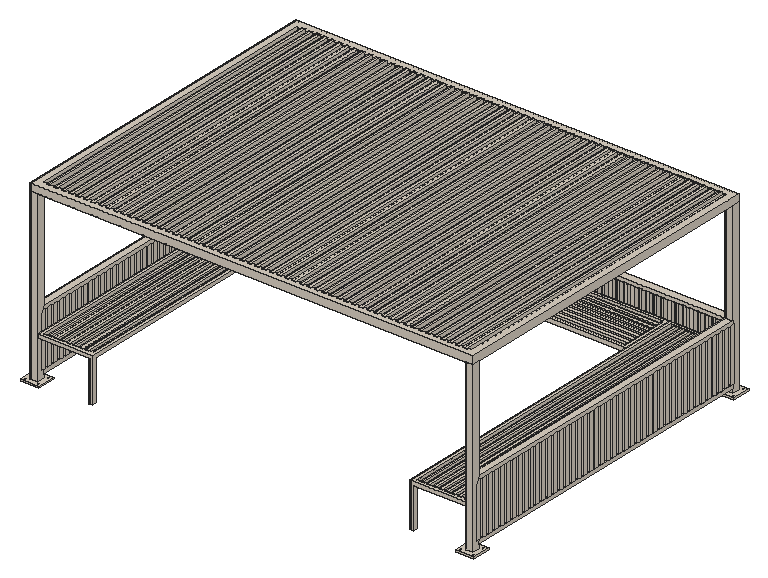
Revit family "Sun-Shades_SAVITUR_PalmSHIELD", category Generic Models, Revit 2026
Family settings
  Can host rebar = No
  Round Connector Dimension = Use Diameter
  Part Type = Normal
  Work Plane-Based = No
  Always vertical = Yes
  Cut with Voids When Loaded = No
  Maintain Annotation Orientation = No
  Shared = No
  Room Calculation Point = No
Parameters (values of type "ALUMINUM PURLINS 2" x 4"")
  Y2 [instance] = Length - 0' 8"  # 19' - 4"
  Y1 [instance] = Width - 0' 8" - (Purlins Spacing Desired * 2)  # 14' - 0"
  Z2 [instance] = Width - 0' 8" + 0' 1 1/16"  # 14' - 5 1/16"
  Z1 [instance] = Length - 0' 8" - (Purlins Spacing Desired * 2)  # 19' - 0"
  X3 [instance] = Length - 0' 8"  # 19' - 4"
  X2 [instance] = Length - 0' 4"  # 19' - 8"
  X1 [instance] = Width + 1' 6"  # 16' - 6"
  Wind & Privacy Add On Options_Vertical Aluminum Purlins [instance] = no
  Wind & Privacy Add On Options_Planter Trellis [instance] = no
  Wind & Privacy Add On Options_Laser Cut [instance] = no
  Wind & Privacy Add On Options_Horizontal Aluminum Purlins [instance] = no
  Wind & Privacy Add On Options [instance] = or(Wind & Privacy Add On Options_Laser Cut, Wind & Privacy Add On Options_Horizontal Aluminum Purlins, Wind & Privacy Add On Options_Planter Trellis, Wind & Privacy Add On Options_Vertical Aluminum Purlins)  # no
  Purlins Spacing Desired [instance] = 0' - 2"
  Length [instance] = 20' - 0"
  URL = "https://palmshieldlouvers.com/"
  Trellis Length [instance] = Length - 0' 8"  # 19' - 4"
  Trellis Height = 3' - 0"
  Standard Roof Options_Underhanging Beams [instance] = no
  Standard Roof Options_Overhanging Beams_Vertical [instance] = no
  Standard Roof Options_Inset to Beam_Vertical [instance] = yes
  Standard Roof Options_Inset to Beam_Horizontal [instance] = no
  Specification = "https://www.arcat.com/company/palmshield-53925/spec"
  Side Trellis Length [instance] = Width - 0' 8"  # 14' - 4"
  Planter Height = 1' - 6"
  Planter Depth = 1' - 6"
  Finish = "PalmSHIELD - Aluminum"
  Bench Option = yes
  Bench Length [instance] = Width - 0' 4"  # 14' - 8"
  Bench Depth [instance] = 2' - 6"
  Backside Railling [instance] = not(Wind & Privacy Add On Options)  # yes
  Backside Bench Length [instance] = Length - 0' 8" - (Bench Depth * 2)  # 14' - 4"
  Bachside Purlins Length [instance] = Length - 0' 8"  # 19' - 4"
  Purlin Width = 0' - 2"
  Purlin Height = 0' - 4"
  Product Page URL = "https://www.arcat.com/company/palmshield-53925"
  Material [instance] = PalmSHIELD - Alloy
  Manufacturer = "PalmSHIELD"  # constant formula
  Keynote = "06 87 00"
  Height [instance] = 8' - 0"
  Width [instance] = 15' - 0"
  Default Elevation = 0' - 0"
  Copyright = "©ARCAT"  # constant formula
  Column Height [instance] = Height - 0' 4"  # 7' - 8"
  Center to Center [instance] = Purlins Spacing Desired + Purlin Width  # 0' - 4"
  CAD Details = "https://www.arcat.com/company/palmshield-53925/cad"
  Backside Wall Purlins Height [instance] = Height - 0' 4"  # 7' - 8"
Reference planes (in)
  plane 1 "Center (Front/Back)": y = 0
  plane 2: z = 0
  plane 3 "Center (Left/Right)": x = 0
  plane 4: x = -120
  plane 5: x = 120
  plane 6: y = 90
  plane 7: y = -90
  plane 8: y = 86
  plane 9: x = -116
  plane 10: y = -86
  plane 11: x = 116
  plane 12: x = -118
  plane 13: y = 88
  plane 14: x = 118
  plane 15: y = -88
  plane 16: z = 96
  plane 17: y = 89.75
  plane 18: y = 86.25
  plane 19: z = 92
  plane 20: z = 92.25
  plane 21: z = 95.75
  plane 22: z = 3
  plane 23: z = 36
  plane 24: y = 90.75
  plane 25: y = 108
  plane 26: y = 107.25
  plane 27: x = -115.25
  plane 28: x = 115.25
  plane 29: z = 18
  plane 30: z = 0.75
Forms (in)
  Sweep 1, solid, material "PalmSHIELD - Alloy" <- "Material"
    path origin (0, 0, 0) x (1, 0, 0) y (0, 1, 0)
      loop
        line (-120, 90) -> (-120, -90) -> (120, -90) -> (120, 90) -> (-120, 90)
    profile origin (0, 90, 0) x (0, 1, 0) y (0, 0, 1)
      loop
        line (0, 96) -> (-4, 96) -> (-4, 92) -> (0, 92) -> (0, 96)
      loop
        line (-3.75, 92.25) -> (-0.25, 92.25) -> (-0.25, 95.75) -> (-3.75, 95.75) -> (-3.75, 92.25)
  Extrusion 2, solid, material "PalmSHIELD - Alloy" <- "Material", visible <- "Wind & Privacy Add On Options_Planter Trellis"
    sketch origin (0, 0, 0) x (1, 0, 0) y (0, 1, 0)
      loop
        line (-116, 90) -> (116, 90) -> (116, 108) -> (-116, 108) -> (-116, 90)
    from 0 to 0.75
  Extrusion 3, solid, material "PalmSHIELD - Alloy" <- "Material", visible <- "Wind & Privacy Add On Options_Planter Trellis"
    sketch origin (0, 0, 0) x (1, 0, 0) y (0, 1, 0)
      loop
        line (-115.25, 107.25) -> (-115.25, 90.75) -> (115.25, 90.75) -> (115.25, 107.25) -> (-115.25, 107.25)
      loop
        line (-116, 108) -> (-116, 90) -> (116, 90) -> (116, 108) -> (-116, 108)
    from 0.75 to 18
  Extrusion 4, solid, material "PalmSHIELD - Alloy" <- "Material", visible <- "Wind & Privacy Add On Options_Laser Cut"
    sketch origin (0, 0, 0) x (1, 0, 0) y (0, 1, 0)
      loop
        line (-116, 90) -> (-116, 89.75) -> (116, 89.75) -> (116, 90) -> (-116, 90)
    from 3 to 92
Dimensions and locks (in)
  equal spacing: plane 4, plane 3 "Center (Left/Right)", plane 5
  equal spacing: plane 6, plane 1 "Center (Front/Back)", plane 7
  "Length": plane 4 to plane 5
  "Width": plane 6 to plane 7
  plane 4 to plane 12 to plane 9 = 0' - 2" locked, 0' - 2" locked
  plane 11 to plane 14 to plane 5 = 0' - 2" locked, 0' - 2" locked
  plane 6 to plane 13 to plane 8 = 0' - 2" locked, 0' - 2" locked
  plane 10 to plane 15 to plane 7 = 0' - 2" locked, 0' - 2" locked
  "Height": plane 16 to level
  locked: plane 6 to plane 17 at 0.25
  locked: plane 8 to plane 18 at 0.25
  locked: plane 20 to plane 19 at 0.25
  locked: plane 16 to plane 21 at 0.25
  locked: plane 16 to plane 19 at 4
  locked: plane 22 to level at 3
  "Trellis Height": plane 23 to level
  nested 12 to nested 12 = 0' - 2"
  locked: plane 24 to plane 6 at 0.75
  locked: plane 25 to plane 26 at 0.75
  locked: plane 9 to plane 27 at 0.75
  locked: plane 28 to plane 11 at 0.75
  locked: plane 30 to level at 0.75
  "Planter Height": plane 29 to level
  "Planter Depth": plane 25 to plane 6
  plane 6 to plane 7 = 15' - 0"
  nested 14 to nested 14 = 0' - 2.03509"  (x2)
  aligned and locked: level to plane 2
  aligned and locked: nested 1 to plane 12
  aligned and locked: nested 1 to plane 13
  aligned and locked: level to nested 1  (x2)
  aligned and locked: nested 2 to level  (x2)
  aligned and locked: level to nested 3  (x2)
  aligned and locked: nested 4 to level  (x2)
  aligned and locked: nested 3 to plane 15
  aligned and locked: plane 12 to nested 3
  aligned and locked: plane 14 to nested 4
  aligned and locked: plane 15 to nested 4
  aligned and locked: nested 2 to plane 14
  aligned and locked: plane 13 to nested 2
  aligned and locked: Sweep 1 sketch curve to plane 6
  aligned and locked: Sweep 1 sketch curve to plane 4
  aligned and locked: Sweep 1 sketch curve to plane 7
  aligned and locked: Sweep 1 sketch curve to plane 5
  aligned and locked: Sweep 1 sketch curve to plane 16
  aligned and locked: plane 6 to Sweep 1 sketch curve
  aligned and locked: plane 8 to Sweep 1 sketch curve
  aligned and locked: Sweep 1 sketch curve to plane 19
  aligned and locked: Sweep 1 sketch curve to plane 18
  aligned and locked: Sweep 1 sketch curve to plane 21
  aligned and locked: plane 17 to Sweep 1 sketch curve
  aligned and locked: Sweep 1 sketch curve to plane 20
  aligned and locked: plane 3 "Center (Left/Right)" to nested 5
  aligned and locked: nested 5 to plane 1 "Center (Front/Back)"
  aligned and locked: nested 6 to plane 3 "Center (Left/Right)"
  aligned and locked: plane 1 "Center (Front/Back)" to nested 6
  aligned and locked: nested 7 to plane 3 "Center (Left/Right)"
  aligned and locked: nested 7 to plane 1 "Center (Front/Back)"
  aligned and locked: plane 3 "Center (Left/Right)" to nested 8
  aligned and locked: nested 8 to plane 13
  aligned and locked: nested 8 to plane 22
  aligned and locked: plane 1 "Center (Front/Back)" to nested 9
  aligned and locked: nested 9 to plane 12
  aligned and locked: nested 9 to plane 22
  aligned and locked: plane 1 "Center (Front/Back)" to nested 10
  aligned and locked: plane 22 to nested 10
  aligned and locked: nested 10 to plane 14
  aligned and locked: plane 3 "Center (Left/Right)" to nested 11
  aligned and locked: nested 11 to plane 22
  aligned and locked: nested 11 to plane 13
  aligned and locked: plane 3 "Center (Left/Right)" to nested 12
  aligned and locked: nested 12 to plane 22  (x2)
  aligned and locked: nested 12 to plane 13
  aligned and locked: nested 13 to plane 22
  aligned and locked: nested 13 to plane 13
  aligned and locked: Extrusion 2 sketch curve to plane 6
  aligned and locked: Extrusion 2 sketch curve to plane 9
  aligned and locked: Extrusion 2 sketch curve to plane 25
  aligned and locked: Extrusion 2 sketch curve to plane 11
  aligned and locked: Extrusion 3 sketch curve to plane 26
  aligned and locked: Extrusion 3 sketch curve to plane 25
  aligned and locked: Extrusion 3 sketch curve to plane 9
  aligned and locked: Extrusion 3 sketch curve to plane 27
  aligned and locked: Extrusion 3 sketch curve to plane 11
  aligned and locked: Extrusion 3 sketch curve to plane 28
  aligned and locked: Extrusion 3 sketch curve to plane 6
  aligned and locked: Extrusion 3 sketch curve to plane 24
  aligned and locked: Extrusion 2 to level
  aligned and locked: nested 1 to Extrusion 2
  aligned and locked: plane 30 to Extrusion 2
  aligned and locked: level to Extrusion 2  (x2)
  aligned and locked: Extrusion 3 to plane 30
  aligned and locked: plane 29 to Extrusion 3
  aligned and locked: plane 30 to Extrusion 3  (x2)
  aligned and locked: Extrusion 4 sketch curve to plane 9
  aligned and locked: Extrusion 4 sketch curve to plane 6
  aligned and locked: Extrusion 4 sketch curve to plane 17
  aligned and locked: Extrusion 4 sketch curve to plane 11
  aligned and locked: Extrusion 4 to plane 22
  aligned and locked: plane 19 to Extrusion 4
  aligned and locked: nested 14 to plane 3 "Center (Left/Right)"
  aligned and locked: nested 14 to plane 1 "Center (Front/Back)"
  aligned and locked: nested 15 to plane 9
  aligned and locked: nested 15 to plane 7
  aligned and locked: nested 16 to plane 7
  aligned and locked: nested 16 to plane 11
  aligned and locked: plane 3 "Center (Left/Right)" to nested 17
  aligned and locked: nested 17 to plane 8
  aligned and locked: nested 15 to plane 2
  aligned and locked: nested 17 to plane 2
  aligned and locked: nested 16 to plane 2
Nested families (in)
  nested 1: "STEEL SQ TUBE 4 X 4 X 0.25 CAPPED ASTM A500 GR.B" at (-118, 88, 0), type "STEEL SQ TUBE 4 X 4 X 0.25 CAPPED ASTM A500 GR.B"
  nested 2: "STEEL SQ TUBE 4 X 4 X 0.25 CAPPED ASTM A500 GR.B" at (118, 88, 0), type "STEEL SQ TUBE 4 X 4 X 0.25 CAPPED ASTM A500 GR.B"
  nested 3: "STEEL SQ TUBE 4 X 4 X 0.25 CAPPED ASTM A500 GR.B" at (-118, -88, 0), type "STEEL SQ TUBE 4 X 4 X 0.25 CAPPED ASTM A500 GR.B"
  nested 4: "STEEL SQ TUBE 4 X 4 X 0.25 CAPPED ASTM A500 GR.B" at (118, -88, 0), type "STEEL SQ TUBE 4 X 4 X 0.25 CAPPED ASTM A500 GR.B"
  nested 5: "Family1" at (0, -99, 96), visible <- "Standard Roof Options_Overhanging Beams_Vertical", Purlin Spacing Desired <- "Purlins Spacing Desired", type "Overhanging Beams"
    with Purlin Spacing Desired 0' - 2", Purlin Spacing Calculated 0' - 2.03448", No of Horizontal Purlin 59, Center of Center 0' - 4.03448"
  nested 6: "Family1" at (0, -86.53125, 96), visible <- "Standard Roof Options_Inset to Beam_Vertical", Purlin Spacing Desired <- "Purlins Spacing Desired", type "Inset to Beam_Vertical"
    with Purlin Spacing Desired 0' - 2", Purlin Spacing Calculated 0' - 2.03571", No of Horizontal Purlin 57, Center of Center 0' - 4.03571"
  nested 7: "Family1" at (116, 0, 96) x (0, 1, 0) z (0, 0, 1), visible <- "Standard Roof Options_Inset to Beam_Horizontal", Purlin Spacing Desired <- "Purlins Spacing Desired", type "Inset to Beam"
    with Purlin Spacing Desired 0' - 2", Purlin Spacing Calculated 0' - 2.04878", No of Horizontal Purlin 42, Center of Center 0' - 4.04878"
  nested 8: "Trellis" at (0, 88, 0), visible <- "Backside Railling", type "Trellis"
    with Wind & Privacy Ad On Options_Planter Trellis no, Wind & Privacy AD on Option - Vertical Privacy Aluminum Slats yes, Wall Purlins Height 2' - 5", Redius_2 12' - 0"
  nested 9: "Trellis" at (-118, 0, 0) x (0, 1, 0) z (0, 0, 1), type "Trellis @Side"
    with Wind & Privacy Ad On Options_Planter Trellis no, Wind & Privacy AD on Option - Vertical Privacy Aluminum Slats yes, Wall Purlins Height 2' - 5", Redius_2 12' - 0"
  nested 10: "Trellis" at (118, 0, 0) x (0, -1, 0) z (0, 0, 1), type "Trellis @Side"
    with Wind & Privacy Ad On Options_Planter Trellis no, Wind & Privacy AD on Option - Vertical Privacy Aluminum Slats yes, Wall Purlins Height 2' - 5", Redius_2 12' - 0"
  nested 11: "BackSide Vertical Purlins" at (0, 88, 0), visible <- "Wind & Privacy Add On Options_Vertical Aluminum Purlins", type "Trellis"
    with Wind & Privacy Ad On Options_Planter Trellis no, Wind & Privacy AD on Option - Vertical Privacy Aluminum Slats yes, Wall Purlins Height_1 7' - 3", Redius_2 12' - 0"
  nested 12: "BackSide Horizontal Purlins" at (0, 88, 0), visible <- "Wind & Privacy Add On Options_Horizontal Aluminum Purlins", type "Trellis"
    with Wall Purlins Height_1 7' - 3", Redius_2 12' - 0"
  nested 13: "Trellis" at (0, 88, 0), visible <- "Wind & Privacy Add On Options_Planter Trellis", type "Trellis"
    with Wind & Privacy Ad On Options_Planter Trellis no, Wind & Privacy AD on Option - Vertical Privacy Aluminum Slats yes, Wall Purlins Height 2' - 5", Redius_2 12' - 0"
  nested 14: "Family1" at (0, -99, 92) x (-1, 0, 0) z (0, 0, -1), visible <- "Standard Roof Options_Underhanging Beams", Purlin Spacing Desired <- "Purlins Spacing Desired", type "Underhanging Beams"
    with Purlin Spacing Desired 0' - 2", Purlin Spacing Calculated 0' - 2.03509", No of Horizontal Purlin 58, Center of Center 0' - 4.03509"
  nested 15: "Bench" at (-116, -2, 0) x (0, 1, 0) z (0, 0, 1), visible <- "Bench Option", type "Bench"
  nested 16: "Bench" at (116, -2, 0) x (0, 1, 0) z (0, 0, 1), visible <- "Bench Option", type "Bench"
  nested 17: "Bench" at (0, 86, 0), visible <- "Bench Option", type "Bench 2"
Definition of nested family "STEEL SQ TUBE 4 X 4 X 0.25 CAPPED ASTM A500 GR.B"
  Parameters (values of type "STEEL SQ TUBE 4 X 4 X 0.25 CAPPED ASTM A500 GR.B")
    WIDTH = 0' - 4"
    STEEL = none
    HEIGHT = 10' - 0"
    Default Elevation = 0' - 0"
    DEPTH = 0' - 4"
    BASE PLATE WIDTH = 0' - 10"
    BASE PLATE THICKNESS = 0' - 0 3/4"
    BASE PLATE DEPTH = 0' - 10"
  Reference planes (in)
    plane 1 "Center (Front/Back)": y = 0
    plane 2: z = 0
    plane 3 "Center (Left/Right)": x = 0
    plane 4: y = 2
    plane 5: y = -2
    plane 6: x = -2
    plane 7: x = 2
    plane 8: x = -1.75
    plane 9: x = 1.75
    plane 10: y = 1.75
    plane 11: y = -1.75
    plane 12: z = 120
    plane 13: x = -5
    plane 14: x = 5
    plane 15: y = 5
    plane 16: y = -5
    plane 17: z = 0.75
    plane 18: y = 3.5
    plane 19: y = -3.5
    plane 20: x = -3.5
    plane 21: x = 3.5
    plane 22: z = 119.75
  Forms (in)
    Extrusion 1, solid, material <- "STEEL"
      sketch origin (0, 0, 0) x (1, 0, 0) y (0, 1, 0)
        loop
          line (-2, 2) -> (-2, -2) -> (2, -2) -> (2, 2) -> (-2, 2)
        loop
          line (-1.75, 1.75) -> (-1.75, -1.75) -> (1.75, -1.75) -> (1.75, 1.75) -> (-1.75, 1.75)
      from 0.75 to 120
    Extrusion 2, solid, material <- "STEEL"
      sketch origin (0, 0, 0) x (1, 0, 0) y (0, 1, 0)
        loop
          line (-5, 5) -> (-5, -5) -> (5, -5) -> (5, 5) -> (-5, 5)
      from 0 to 0.75
    Extrusion 3, void
      sketch origin (0, 0, 0) x (1, 0, 0) y (0, 1, 0)
        loop
          circle (-3.5, 3.5) r 0.25
        loop
          circle (-3.5, -3.5) r 0.25
        loop
          circle (3.5, 3.5) r 0.25
        loop
          circle (3.5, -3.5) r 0.25
      from 0 to 0.75
    Extrusion 4, solid, material <- "STEEL"
      sketch origin (0, 0, 0) x (1, 0, 0) y (0, 1, 0)
        loop
          line (-1.75, 1.75) -> (-1.75, -1.75) -> (1.75, -1.75) -> (1.75, 1.75) -> (-1.75, 1.75)
      from 119.75 to 120
  Cuts and joins
    Extrusion 3 cuts Extrusion 2
    joined: Extrusion 1, Extrusion 4
  Dimensions and locks (in)
    equal spacing: plane 6, plane 3 "Center (Left/Right)", plane 7
    equal spacing: plane 4, plane 1 "Center (Front/Back)", plane 5
    "WIDTH": plane 6 to plane 7
    "DEPTH": plane 4 to plane 5
    locked: plane 4 to plane 10 at 0.25
    locked: plane 6 to plane 8 at 0.25
    locked: plane 9 to plane 7 at 0.25
    locked: plane 11 to plane 5 at 0.25
    "HEIGHT": plane 12 to level
    equal spacing: plane 15, plane 1 "Center (Front/Back)", plane 16
    equal spacing: plane 13, plane 3 "Center (Left/Right)", plane 14
    "BASE PLATE WIDTH": plane 13 to plane 14
    "BASE PLATE DEPTH": plane 15 to plane 16
    "BASE PLATE THICKNESS": plane 17 to plane 2
    equal spacing: plane 15, plane 18, plane 4, locked at 1.5 each
    equal spacing: plane 16, plane 19, plane 5, locked at 1.5 each
    equal spacing: plane 13, plane 20, plane 6, locked at 1.5 each
    equal spacing: plane 14, plane 21, plane 7, locked at 1.5 each
    locked: plane 12 to plane 22 at 0.25
    aligned and locked: plane 2 to level
    aligned and locked: Extrusion 1 sketch curve to plane 4
    aligned and locked: Extrusion 1 sketch curve to plane 10
    aligned and locked: Extrusion 1 sketch curve to plane 8
    aligned and locked: Extrusion 1 sketch curve to plane 6
    aligned and locked: plane 11 to Extrusion 1 sketch curve
    aligned and locked: Extrusion 1 sketch curve to plane 5
    aligned and locked: Extrusion 1 sketch curve to plane 7
    aligned and locked: plane 9 to Extrusion 1 sketch curve
    aligned and locked: plane 12 to Extrusion 1
    aligned and locked: Extrusion 2 sketch curve to plane 13
    aligned and locked: Extrusion 2 sketch curve to plane 15
    aligned and locked: Extrusion 2 sketch curve to plane 16
    aligned and locked: Extrusion 2 sketch curve to plane 14
    aligned and locked: Extrusion 2 to plane 2
    aligned and locked: plane 17 to Extrusion 2
    aligned and locked: Extrusion 1 to plane 17
    aligned and locked: plane 20 to Extrusion 3 sketch curve  (x2)
    aligned and locked: plane 18 to Extrusion 3 sketch curve  (x2)
    aligned and locked: plane 19 to Extrusion 3 sketch curve  (x2)
    aligned and locked: plane 21 to Extrusion 3 sketch curve  (x2)
    aligned and locked: Extrusion 3 to level
    aligned and locked: plane 17 to Extrusion 3
    aligned and locked: Extrusion 4 sketch curve to Extrusion 1  (x4)
    aligned and locked: Extrusion 4 to plane 22
    aligned and locked: plane 12 to Extrusion 4
  Automatic sketch dimensions
    radius of Extrusion 3 sketch curve = 0' - 0 1/4"  (x4)
Definition of nested family "Family1"
  Parameters (values of type "Inset to Beam")
    Up = no
    Purlin Width Half = Purlin Width / 2  # 0' - 1"
    Purlin Width = 0' - 2"
    Purlin Spacing Desired [instance] = 0' - 2"
    Purlin Spacing Calculated [instance] = (L - (No of Horizontal Purlin * Purlin Width)) / (No of Horizontal Purlin - 1)  # 0' - 2.04762"
    Purlin Length = 19' - 4"
    Purlin Height = 0' - 3"
    No of Horizontal Purlin [instance] = (L / (Purlin Width + Purlin Spacing Desired))  # 43
    Material = none
    L = 14' - 4"
    Down = yes
    Default Elevation = 4' - 0"
    Center of Center [instance] = Purlin Width + Purlin Spacing Calculated  # 0' - 4.04762"
  Types (4): name | Up | Purlin Spacing Desired | Purlin Spacing Calculated | Purlin Length | No of Horizontal Purlin | L | Down | Center of Center
    Overhanging Beams | yes | 0' - 0" | 0' - 0" | 16' - 6" | 118 | 19' - 8" | no | 0' - 2"
    Inset to Beam | no | 0' - 2" | 0' - 2.04762" | 19' - 4" | 43 | 14' - 4" | yes | 0' - 4.04762"
    Inset to Beam_Vertical | no | 0' - 0" | 0' - 0" | 14' - 5 1/16" | 114 | 19' - 0" | yes | 0' - 2"
    Underhanging Beams | yes | 0' - 0" | 0' - 0" | 16' - 6" | 116 | 19' - 4" | no | 0' - 2"
  Reference planes (in)
    plane 1 "Center (Front/Back)": y = 0
    plane 2: z = 0
    plane 3 "Center (Left/Right)": x = 0
    plane 4: y = 232
    plane 5: x = -86
    plane 6: x = 86
    plane 7: x = -85
    plane 8: x = -80.95238
    plane 9: y = 116
  Forms (in)
    Extrusion 1, solid
      sketch origin (0, 0, 0) x (1, 0, 0) y (0, 1, 0)
        loop
          line (-48, 48) -> (-48, -48) -> (48, -48) -> (48, 48) -> (-48, 48)
      from 0 to -12
  Dimensions and locks (in)
    "Purlin Length": plane 4 to plane 1 "Center (Front/Back)"
    "L": plane 5 to plane 6
    equal spacing: plane 5, plane 3 "Center (Left/Right)", plane 6
    "Center of Center": plane 7 to plane 8
    equal spacing: group 1, group 2, group 3, group 4, group 5, group 6, group 7, group 8, group 9, group 10, group 11, group 12, group 13, group 14, group 15, group 16, group 17, group 18, group 19, group 20, group 21, group 22, group 23, group 24, group 25, group 26, group 27, group 28, group 29, group 30, group 31, group 32, group 33, group 34, group 35, group 36, group 37, group 38, group 39, group 40, group 41, group 42, group 43  (x3)
    equal spacing: plane 1 "Center (Front/Back)", plane 9, plane 4
    "Purlin Width Half": plane 5 to plane 7
    aligned and locked: plane 2 to Extrusion 1
    aligned and locked: level to Extrusion 1
    aligned and locked: nested 1 to plane 7
    aligned and locked: plane 8 to nested 2
  Automatic sketch dimensions
    Extrusion 1 sketch curve to Extrusion 1 sketch curve = 8' - 0"  (x2)
  Nested families (in)
    nested 1: "Family2" at (-85, 0, 0) x (-1, 0, 0) z (0, 0, 1), type "Up"
    nested 2: "Family2" at (-80.95238, 0, 0) x (-1, 0, 0) z (0, 0, 1), type "Up"
    nested 3: "Family2" at (-76.90476, 0, 0) x (-1, 0, 0) z (0, 0, 1), type "Up"
    nested 4: "Family2" at (-72.85714, 0, 0) x (-1, 0, 0) z (0, 0, 1), type "Up"
    nested 5: "Family2" at (-68.80952, 0, 0) x (-1, 0, 0) z (0, 0, 1), type "Up"
    nested 6: "Family2" at (-64.7619, 0, 0) x (-1, 0, 0) z (0, 0, 1), type "Up"
    nested 7: "Family2" at (-60.71429, 0, 0) x (-1, 0, 0) z (0, 0, 1), type "Up"
    nested 8: "Family2" at (-56.66667, 0, 0) x (-1, 0, 0) z (0, 0, 1), type "Up"
    nested 9: "Family2" at (-52.61905, 0, 0) x (-1, 0, 0) z (0, 0, 1), type "Up"
    nested 10: "Family2" at (-48.57143, 0, 0) x (-1, 0, 0) z (0, 0, 1), type "Up"
    nested 11: "Family2" at (-44.52381, 0, 0) x (-1, 0, 0) z (0, 0, 1), type "Up"
    nested 12: "Family2" at (-40.47619, 0, 0) x (-1, 0, 0) z (0, 0, 1), type "Up"
    nested 13: "Family2" at (-36.42857, 0, 0) x (-1, 0, 0) z (0, 0, 1), type "Up"
    nested 14: "Family2" at (-32.38095, 0, 0) x (-1, 0, 0) z (0, 0, 1), type "Up"
    nested 15: "Family2" at (-28.33333, 0, 0) x (-1, 0, 0) z (0, 0, 1), type "Up"
    nested 16: "Family2" at (-24.28571, 0, 0) x (-1, 0, 0) z (0, 0, 1), type "Up"
    nested 17: "Family2" at (-20.2381, 0, 0) x (-1, 0, 0) z (0, 0, 1), type "Up"
    nested 18: "Family2" at (-16.19048, 0, 0) x (-1, 0, 0) z (0, 0, 1), type "Up"
    nested 19: "Family2" at (-12.14286, 0, 0) x (-1, 0, 0) z (0, 0, 1), type "Up"
    nested 20: "Family2" at (-8.09524, 0, 0) x (-1, 0, 0) z (0, 0, 1), type "Up"
    nested 21: "Family2" at (-4.04762, 0, 0) x (-1, 0, 0) z (0, 0, 1), type "Up"
    nested 22: "Family2" at (0, 0, 0) x (-1, 0, 0) z (0, 0, 1), type "Up"
    nested 23: "Family2" at (4.04762, 0, 0) x (-1, 0, 0) z (0, 0, 1), type "Up"
    nested 24: "Family2" at (8.09524, 0, 0) x (-1, 0, 0) z (0, 0, 1), type "Up"
    nested 25: "Family2" at (12.14286, 0, 0) x (-1, 0, 0) z (0, 0, 1), type "Up"
    nested 26: "Family2" at (16.19048, 0, 0) x (-1, 0, 0) z (0, 0, 1), type "Up"
    nested 27: "Family2" at (20.2381, 0, 0) x (-1, 0, 0) z (0, 0, 1), type "Up"
    nested 28: "Family2" at (24.28571, 0, 0) x (-1, 0, 0) z (0, 0, 1), type "Up"
    nested 29: "Family2" at (28.33333, 0, 0) x (-1, 0, 0) z (0, 0, 1), type "Up"
    nested 30: "Family2" at (32.38095, 0, 0) x (-1, 0, 0) z (0, 0, 1), type "Up"
    nested 31: "Family2" at (36.42857, 0, 0) x (-1, 0, 0) z (0, 0, 1), type "Up"
    nested 32: "Family2" at (40.47619, 0, 0) x (-1, 0, 0) z (0, 0, 1), type "Up"
    nested 33: "Family2" at (44.52381, 0, 0) x (-1, 0, 0) z (0, 0, 1), type "Up"
    nested 34: "Family2" at (48.57143, 0, 0) x (-1, 0, 0) z (0, 0, 1), type "Up"
    nested 35: "Family2" at (52.61905, 0, 0) x (-1, 0, 0) z (0, 0, 1), type "Up"
    nested 36: "Family2" at (56.66667, 0, 0) x (-1, 0, 0) z (0, 0, 1), type "Up"
    nested 37: "Family2" at (60.71429, 0, 0) x (-1, 0, 0) z (0, 0, 1), type "Up"
    nested 38: "Family2" at (64.7619, 0, 0) x (-1, 0, 0) z (0, 0, 1), type "Up"
    nested 39: "Family2" at (68.80952, 0, 0) x (-1, 0, 0) z (0, 0, 1), type "Up"
    nested 40: "Family2" at (72.85714, 0, 0) x (-1, 0, 0) z (0, 0, 1), type "Up"
    nested 41: "Family2" at (76.90476, 0, 0) x (-1, 0, 0) z (0, 0, 1), type "Up"
    nested 42: "Family2" at (80.95238, 0, 0) x (-1, 0, 0) z (0, 0, 1), type "Up"
    nested 43: "Family2" at (85, 0, 0) x (-1, 0, 0) z (0, 0, 1), type "Up"
  Definition of nested family "Family2"
    Parameters (values of type "Down")
      Up = yes
      Purlin Length = 2' - 8.61991"
      Purlin Height = 0' - 3"
      Parlin Width = 0' - 2"
      Material = none
      Down = no
      Default Elevation = 0' - 0"
    Types (3): name | Up | Purlin Length | Purlin Height | Down
      Up | no | 19' - 4" | 0' - 2" | yes
      Down | yes | 2' - 8.61991" | 0' - 3" | no
      Family2 | no | 19' - 4" | 0' - 2" | no
    Reference planes (in)
      plane 1 "Center (Front/Back)": y = 0
      plane 2: z = 0
      plane 3 "Center (Left/Right)": x = 0
      plane 4: z = 3
      plane 5: x = -1
      plane 6: x = 1
      plane 7: z = -3
      plane 8: z = 2.875
      plane 9: z = -2.875
      plane 10: x = 0.875
      plane 11: x = -0.875
      plane 12: z = 0.125
      plane 13: z = -0.125
      plane 14: y = 32.61991
      plane 15: y = 0.125
      plane 16: y = 32.49491
    Forms (in)
      Extrusion 1, solid, material <- "Material", visible <- "Up"
        sketch origin (0, 0, 0) x (1, 0, 0) y (0, 0, 1)
          loop
            line (1, 3) -> (-1, 3) -> (-1, 0) -> (1, 0) -> (1, 3)
          loop
            line (-0.875, 2.875) -> (-0.875, 0.125) -> (0.875, 0.125) -> (0.875, 2.875) -> (-0.875, 2.875)
        from -32.61991 to 0
      Extrusion 2, solid, material <- "Material", visible <- "Down"
        sketch origin (0, 0, 0) x (1, 0, 0) y (0, 0, 1)
          loop
            line (-1, 0) -> (-1, -3) -> (1, -3) -> (1, 0) -> (-1, 0)
          loop
            line (0.875, -2.875) -> (0.875, -0.125) -> (-0.875, -0.125) -> (-0.875, -2.875) -> (0.875, -2.875)
        from 0 to -32.61991
      Extrusion 3, solid, material <- "Material", visible <- "Up"
        sketch origin (0, 0, 0) x (1, 0, 0) y (0, 0, 1)
          loop
            line (0.875, 2.875) -> (-0.875, 2.875) -> (-0.875, 0.125) -> (0.875, 0.125) -> (0.875, 2.875)
        from -0.125 to 0
      Extrusion 4, solid, material <- "Material", visible <- "Up"
        sketch origin (0, 0, 0) x (1, 0, 0) y (0, 0, 1)
          loop
            line (0.875, 2.875) -> (-0.875, 2.875) -> (-0.875, 0.125) -> (0.875, 0.125) -> (0.875, 2.875)
        from -32.61991 to -32.49491
      Extrusion 5, solid, material <- "Material", visible <- "Down"
        sketch origin (0, 0, 0) x (1, 0, 0) y (0, 0, 1)
          loop
            line (-0.875, -0.125) -> (-0.875, -2.875) -> (0.875, -2.875) -> (0.875, -0.125) -> (-0.875, -0.125)
        from -0.125 to 0
      Extrusion 6, solid, material <- "Material", visible <- "Down"
        sketch origin (0, 0, 0) x (1, 0, 0) y (0, 0, 1)
          loop
            line (-0.875, -0.125) -> (-0.875, -2.875) -> (0.875, -2.875) -> (0.875, -0.125) -> (-0.875, -0.125)
        from -32.61991 to -32.49491
    Cuts and joins
      joined: Extrusion 1, Extrusion 3, Extrusion 4
      joined: Extrusion 2, Extrusion 5, Extrusion 6
    Dimensions and locks (in)
      "Purlin Height": plane 4 to level
      equal spacing: plane 6, plane 3 "Center (Left/Right)", plane 5
      "Parlin Width": plane 5 to plane 6
      "Purlin Height": plane 2 to plane 7
      locked: plane 4 to plane 8 at 0.125
      locked: plane 9 to plane 7 at 0.125
      locked: plane 11 to plane 5 at 0.125
      locked: plane 10 to plane 6 at 0.125
      locked: plane 12 to plane 2 at 0.125
      locked: plane 13 to plane 2 at 0.125
      "Purlin Length": plane 14 to plane 1 "Center (Front/Back)"
      locked: plane 1 "Center (Front/Back)" to plane 15 at 0.125
      locked: plane 14 to plane 16 at 0.125
      aligned and locked: plane 2 to level
      aligned and locked: Extrusion 1 sketch curve to plane 4
      aligned and locked: Extrusion 1 sketch curve to plane 5
      aligned and locked: plane 6 to Extrusion 1 sketch curve
      aligned and locked: Extrusion 1 sketch curve to level
      aligned and locked: Extrusion 1 sketch curve to plane 11
      aligned and locked: Extrusion 1 sketch curve to plane 8
      aligned and locked: plane 10 to Extrusion 1 sketch curve
      aligned and locked: Extrusion 1 sketch curve to plane 12
      aligned and locked: plane 1 "Center (Front/Back)" to Extrusion 1
      aligned and locked: plane 14 to Extrusion 1
      aligned and locked: Extrusion 2 sketch curve to level
      aligned and locked: Extrusion 2 sketch curve to plane 5
      aligned and locked: plane 6 to Extrusion 2 sketch curve
      aligned and locked: plane 7 to Extrusion 2 sketch curve
      aligned and locked: plane 9 to Extrusion 2 sketch curve
      aligned and locked: plane 10 to Extrusion 2 sketch curve
      aligned and locked: Extrusion 2 sketch curve to plane 11
      aligned and locked: plane 13 to Extrusion 2 sketch curve
      aligned and locked: plane 14 to Extrusion 2
      aligned and locked: plane 1 "Center (Front/Back)" to Extrusion 2
      aligned and locked: Extrusion 1 to plane 1 "Center (Front/Back)"  (x2)
      aligned and locked: Extrusion 1 to plane 14
      aligned and locked: Extrusion 3 sketch curve to plane 8
      aligned and locked: Extrusion 3 sketch curve to plane 12
      aligned and locked: Extrusion 3 sketch curve to plane 11
      aligned and locked: plane 10 to Extrusion 3 sketch curve
      aligned and locked: plane 15 to Extrusion 3
      aligned and locked: plane 1 "Center (Front/Back)" to Extrusion 3
      aligned and locked: Extrusion 4 sketch curve to plane 8
      aligned and locked: Extrusion 4 sketch curve to plane 11
      aligned and locked: plane 10 to Extrusion 4 sketch curve
      aligned and locked: Extrusion 4 sketch curve to plane 12
      aligned and locked: plane 14 to Extrusion 4
      aligned and locked: Extrusion 4 to plane 16
      aligned and locked: plane 13 to Extrusion 5 sketch curve
      aligned and locked: plane 9 to Extrusion 5 sketch curve
      aligned and locked: Extrusion 5 sketch curve to plane 11
      aligned and locked: plane 10 to Extrusion 5 sketch curve
      aligned and locked: plane 1 "Center (Front/Back)" to Extrusion 5
      aligned and locked: plane 15 to Extrusion 5
      aligned and locked: plane 13 to Extrusion 6 sketch curve
      aligned and locked: plane 9 to Extrusion 6 sketch curve
      aligned and locked: Extrusion 6 sketch curve to plane 11
      aligned and locked: plane 10 to Extrusion 6 sketch curve
      aligned and locked: plane 14 to Extrusion 6
      aligned and locked: Extrusion 6 to plane 16
Definition of nested family "Trellis"
  Parameters (values of type "Trellis")
    Wind & Privacy Ad On Options_Planter Trellis [instance] = no
    Wind & Privacy AD on Option - Vertical Privacy Aluminum Slats [instance] = yes
    Wall Vertical Purlins = 12' - 0"
    Wall Purlins Height [instance] = Trellis Height - 0' 7"  # 2' - 5"
    Trellis Length = 9' - 4"
    Trellis Height = 3' - 0"
    Redius_2 [instance] = 12' - 0"
    Purlins Width = 0' - 3"
    No Of Trellis Purlins = (Trellis Length / Center to Center) / 2  # 11
    Material = none
    Default Elevation = 0' - 0"
    Center to Center = 0' - 5"
  Types (2): name
    Trellis
    Trellis @Side
  Reference planes (in)
    plane 1 "Center (Front/Back)": y = 0
    plane 2: z = 0
    plane 3 "Center (Left/Right)": x = 0
    plane 4: x = -56
    plane 5: x = 56
    plane 6: x = -2.5
    plane 7: x = -7.5
    plane 8: x = 2.5
    plane 9: x = 7.5
    plane 10: z = 3
    plane 11: y = 2
    plane 12: y = -2
    plane 13: y = -1.875
    plane 14: y = 1.875
    plane 15: z = 3.125
    plane 16: z = 5
    plane 17: z = 4.875
    plane 18: z = 36
    plane 19: z = 35.875
    plane 20: z = 34
    plane 21: z = 34.125
  Forms (in)
    Extrusion 1, solid, material <- "Material"
      sketch origin (0, 0, 0) x (0, 1, 0) y (0, 0, 1)
        loop
          line (2, 5) -> (-2, 5) -> (-2, 3) -> (2, 3) -> (2, 5)
        loop
          line (1.875, 4.875) -> (-1.875, 4.875) -> (-1.875, 3.125) -> (1.875, 3.125) -> (1.875, 4.875)
      from -56 to 56
    Extrusion 2, solid, material <- "Material"
      sketch origin (0, 0, 0) x (0, 1, 0) y (0, 0, 1)
        loop
          line (1.875, 35.875) -> (-1.875, 35.875) -> (-1.875, 34.125) -> (1.875, 34.125) -> (1.875, 35.875)
        loop
          line (2, 36) -> (-2, 36) -> (-2, 34) -> (2, 34) -> (2, 36)
      from -56 to 56
  Dimensions and locks (in)
    "Trellis Length": plane 4 to plane 5
    equal spacing: plane 6, plane 3 "Center (Left/Right)", plane 8
    "Center to Center": plane 7 to plane 6
    "Center to Center": plane 8 to plane 9
    "Center to Center": plane 6 to plane 8
    plane 10 to level = 0' - 3"
    locked: plane 11 to plane 12 at 4
    locked: plane 14 to plane 11 at 0.125
    locked: plane 13 to plane 12 at 0.125
    plane 16 to plane 17 to plane 15 to plane 10 = 0' - 0 1/8" locked, 0' - 1 3/4" locked, 0' - 0 1/8" locked
    "Trellis Height": plane 18 to level
    plane 18 to plane 19 to plane 21 to plane 20 = 0' - 0 1/8" locked, 0' - 1 3/4" locked, 0' - 0 1/8" locked
    plane 16 to level = 0' - 5"
    equal spacing: group 21, group 20, group 10, group 9, group 8, group 7, group 6, group 5, group 4, group 3, group 2
    equal spacing: group 2, group 3, group 4, group 5, group 6, group 7, group 8, group 9, group 10, group 20, group 21  (x2)
    equal spacing: group 11, group 12, group 13, group 14, group 15, group 16, group 17, group 18, group 19, group 22, group 23  (x3)
    equal spacing: plane 4, plane 3 "Center (Left/Right)", plane 5
    aligned and locked: plane 2 to level
    aligned and locked: nested 1 to plane 1 "Center (Front/Back)"
    aligned and locked: plane 6 to nested 1
    aligned and locked: nested 3 to plane 8
    aligned and locked: plane 1 "Center (Front/Back)" to nested 3
    aligned and locked: plane 16 to Extrusion 1 sketch curve
    aligned and locked: plane 17 to Extrusion 1 sketch curve
    aligned and locked: plane 15 to Extrusion 1 sketch curve
    aligned and locked: plane 10 to Extrusion 1 sketch curve
    aligned and locked: plane 11 to Extrusion 1 sketch curve
    aligned and locked: plane 14 to Extrusion 1 sketch curve
    aligned and locked: Extrusion 1 sketch curve to plane 13
    aligned and locked: Extrusion 1 sketch curve to plane 12
    aligned and locked: Extrusion 1 to plane 4
    aligned and locked: plane 5 to Extrusion 1
    aligned and locked: plane 19 to Extrusion 2 sketch curve
    aligned and locked: plane 18 to Extrusion 2 sketch curve
    aligned and locked: plane 14 to Extrusion 2 sketch curve
    aligned and locked: plane 11 to Extrusion 2 sketch curve
    aligned and locked: Extrusion 2 sketch curve to plane 12
    aligned and locked: Extrusion 2 sketch curve to plane 13
    aligned and locked: plane 21 to Extrusion 2 sketch curve
    aligned and locked: plane 20 to Extrusion 2 sketch curve
    aligned and locked: Extrusion 2 to plane 4
    aligned and locked: plane 5 to Extrusion 2
    aligned and locked: nested 12 to plane 9
    aligned and locked: plane 7 to nested 4
  Nested families (in)
    nested 1: "Vertical Purlin" at (-2.5, 0, 5) x (0, 1, 0) z (0, 0, 1), visible <- "Wind & Privacy AD on Option - Vertical Privacy Aluminum Slats", type "Vertical Purlin"
    nested 2: "Vertical Purlin" at (-14.11258, -7.68441, 5) x (0.8607, -0.509, 0) z (0, 0, 1), visible <- "Wind & Privacy AD on Option - Vertical Privacy Aluminum Slats", type "Vertical Purlin", not visible
    nested 3: "Vertical Purlin" at (2.5, 0, 5) x (0, 1, 0) z (0, 0, 1), visible <- "Wind & Privacy AD on Option - Vertical Privacy Aluminum Slats", type "Vertical Purlin"
    nested 4: "Vertical Purlin" at (-7.5, 0, 5) x (0, 1, 0) z (0, 0, 1), visible <- "Wind & Privacy AD on Option - Vertical Privacy Aluminum Slats", type "Vertical Purlin"
    nested 5: "Vertical Purlin" at (-12.5, 0, 5) x (0, 1, 0) z (0, 0, 1), visible <- "Wind & Privacy AD on Option - Vertical Privacy Aluminum Slats", type "Vertical Purlin"
    nested 6: "Vertical Purlin" at (-17.5, 0, 5) x (0, 1, 0) z (0, 0, 1), visible <- "Wind & Privacy AD on Option - Vertical Privacy Aluminum Slats", type "Vertical Purlin"
    nested 7: "Vertical Purlin" at (-22.5, 0, 5) x (0, 1, 0) z (0, 0, 1), visible <- "Wind & Privacy AD on Option - Vertical Privacy Aluminum Slats", type "Vertical Purlin"
    nested 8: "Vertical Purlin" at (-27.5, 0, 5) x (0, 1, 0) z (0, 0, 1), visible <- "Wind & Privacy AD on Option - Vertical Privacy Aluminum Slats", type "Vertical Purlin"
    nested 9: "Vertical Purlin" at (-32.5, 0, 5) x (0, 1, 0) z (0, 0, 1), visible <- "Wind & Privacy AD on Option - Vertical Privacy Aluminum Slats", type "Vertical Purlin"
    nested 10: "Vertical Purlin" at (-37.5, 0, 5) x (0, 1, 0) z (0, 0, 1), visible <- "Wind & Privacy AD on Option - Vertical Privacy Aluminum Slats", type "Vertical Purlin"
    nested 11: "Vertical Purlin" at (-42.5, 0, 5) x (0, 1, 0) z (0, 0, 1), visible <- "Wind & Privacy AD on Option - Vertical Privacy Aluminum Slats", type "Vertical Purlin"
    nested 12: "Vertical Purlin" at (7.5, 0, 5) x (0, 1, 0) z (0, 0, 1), visible <- "Wind & Privacy AD on Option - Vertical Privacy Aluminum Slats", type "Vertical Purlin"
    nested 13: "Vertical Purlin" at (12.5, 0, 5) x (0, 1, 0) z (0, 0, 1), visible <- "Wind & Privacy AD on Option - Vertical Privacy Aluminum Slats", type "Vertical Purlin"
    nested 14: "Vertical Purlin" at (17.5, 0, 5) x (0, 1, 0) z (0, 0, 1), visible <- "Wind & Privacy AD on Option - Vertical Privacy Aluminum Slats", type "Vertical Purlin"
    nested 15: "Vertical Purlin" at (22.5, 0, 5) x (0, 1, 0) z (0, 0, 1), visible <- "Wind & Privacy AD on Option - Vertical Privacy Aluminum Slats", type "Vertical Purlin"
    nested 16: "Vertical Purlin" at (27.5, 0, 5) x (0, 1, 0) z (0, 0, 1), visible <- "Wind & Privacy AD on Option - Vertical Privacy Aluminum Slats", type "Vertical Purlin"
    nested 17: "Vertical Purlin" at (32.5, 0, 5) x (0, 1, 0) z (0, 0, 1), visible <- "Wind & Privacy AD on Option - Vertical Privacy Aluminum Slats", type "Vertical Purlin"
    nested 18: "Vertical Purlin" at (37.5, 0, 5) x (0, 1, 0) z (0, 0, 1), visible <- "Wind & Privacy AD on Option - Vertical Privacy Aluminum Slats", type "Vertical Purlin"
    nested 19: "Vertical Purlin" at (42.5, 0, 5) x (0, 1, 0) z (0, 0, 1), visible <- "Wind & Privacy AD on Option - Vertical Privacy Aluminum Slats", type "Vertical Purlin"
    nested 20: "Vertical Purlin" at (-47.5, 0, 5) x (0, 1, 0) z (0, 0, 1), visible <- "Wind & Privacy AD on Option - Vertical Privacy Aluminum Slats", type "Vertical Purlin"
    nested 21: "Vertical Purlin" at (-52.5, 0, 5) x (0, 1, 0) z (0, 0, 1), visible <- "Wind & Privacy AD on Option - Vertical Privacy Aluminum Slats", type "Vertical Purlin"
    nested 22: "Vertical Purlin" at (47.5, 0, 5) x (0, 1, 0) z (0, 0, 1), visible <- "Wind & Privacy AD on Option - Vertical Privacy Aluminum Slats", type "Vertical Purlin"
    nested 23: "Vertical Purlin" at (52.5, 0, 5) x (0, 1, 0) z (0, 0, 1), visible <- "Wind & Privacy AD on Option - Vertical Privacy Aluminum Slats", type "Vertical Purlin"
  Definition of nested family "Vertical Purlin"
    Parameters (values of type "Vertical Purlin")
      Purlins Width = 0' - 2"
      Purlins Height = 0' - 3"
      Materials = none
      Height = 5' - 11.88692"
      Default Elevation = 0' - 0"
    Reference planes (in)
      plane 1 "Center (Front/Back)": y = 0
      plane 2: z = 0
      plane 3 "Center (Left/Right)": x = 0
      plane 4: x = -1.5
      plane 5: x = 1.5
      plane 6: y = 1
      plane 7: y = -1
      plane 8: x = -1.375
      plane 9: x = 1.375
      plane 10: y = 0.875
      plane 11: y = -0.875
      plane 12: z = 71.88692
    Forms (in)
      Extrusion 1, solid, material <- "Materials"
        sketch origin (0, 0, 0) x (1, 0, 0) y (0, 1, 0)
          loop
            line (-1.375, 0.875) -> (-1.375, -0.875) -> (1.375, -0.875) -> (1.375, 0.875) -> (-1.375, 0.875)
          loop
            line (-1.5, 1) -> (-1.5, -1) -> (1.5, -1) -> (1.5, 1) -> (-1.5, 1)
        from 0 to 71.88692
    Dimensions and locks (in)
      equal spacing: plane 6, plane 1 "Center (Front/Back)", plane 7
      equal spacing: plane 4, plane 3 "Center (Left/Right)", plane 5
      locked: plane 4 to plane 8 at 0.125
      locked: plane 9 to plane 5 at 0.125
      locked: plane 11 to plane 7 at 0.125
      locked: plane 6 to plane 10 at 0.125
      "Height": plane 12 to level
      "Purlins Width": plane 6 to plane 7
      "Purlins Height": plane 4 to plane 5
      aligned and locked: plane 2 to level
      aligned and locked: Extrusion 1 sketch curve to plane 10
      aligned and locked: Extrusion 1 sketch curve to plane 6
      aligned and locked: Extrusion 1 sketch curve to plane 8
      aligned and locked: Extrusion 1 sketch curve to plane 4
      aligned and locked: plane 9 to Extrusion 1 sketch curve
      aligned and locked: Extrusion 1 sketch curve to plane 5
      aligned and locked: Extrusion 1 sketch curve to plane 11
      aligned and locked: Extrusion 1 sketch curve to plane 7
      aligned and locked: plane 12 to Extrusion 1
Definition of nested family "BackSide Vertical Purlins"
  Parameters (values of type "Trellis")
    Wind & Privacy Ad On Options_Planter Trellis [instance] = no
    Wind & Privacy AD on Option - Vertical Privacy Aluminum Slats [instance] = yes
    Wall Vertical Purlins = 12' - 0"
    Wall Purlins Height_1 [instance] = Back Side Wall Prlins Height - 0' 5"  # 7' - 3"
    Trellis Length = 19' - 4"
    Back Side Wall Prlins Height = 7' - 8"
    Redius_2 [instance] = 12' - 0"
    Purlins Width = 0' - 2"
    No Of Trellis Purlins = (Trellis Length / Center to Center) / 2  # 23
    Material = none
    Default Elevation = 0' - 0"
    Center to Center = 0' - 5"
  Reference planes (in)
    plane 1 "Center (Front/Back)": y = 0
    plane 2: z = 0
    plane 3 "Center (Left/Right)": x = 0
    plane 4: x = -116
    plane 5: x = 116
    plane 6: x = -2.5
    plane 7: x = -7.5
    plane 8: x = 2.5
    plane 9: x = 7.5
    plane 10: z = 3
    plane 11: y = 2
    plane 12: y = -2
    plane 13: y = -1.875
    plane 14: y = 1.875
    plane 15: z = 3.125
    plane 16: z = 5
    plane 17: z = 4.875
    plane 18: z = 92
    plane 19: z = 91.875
    plane 20: z = 90
    plane 21: z = 90.125
    plane 22: x = -115.875
    plane 23: x = 115.875
  Forms (in)
    Extrusion 1, solid, material <- "Material"
      sketch origin (0, 0, 0) x (0, 1, 0) y (0, 0, 1)
        loop
          line (2, 5) -> (-2, 5) -> (-2, 3) -> (2, 3) -> (2, 5)
        loop
          line (1.875, 4.875) -> (-1.875, 4.875) -> (-1.875, 3.125) -> (1.875, 3.125) -> (1.875, 4.875)
      from -116 to 116
    Extrusion 2, solid, material <- "Material"
      sketch origin (0, 0, 0) x (0, 1, 0) y (0, 0, 1)
        loop
          line (1.875, 4.875) -> (-1.875, 4.875) -> (-1.875, 3.125) -> (1.875, 3.125) -> (1.875, 4.875)
      from 115.875 to 116
    Extrusion 3, solid, material <- "Material"
      sketch origin (0, 0, 0) x (0, 1, 0) y (0, 0, 1)
        loop
          line (1.875, 4.875) -> (-1.875, 4.875) -> (-1.875, 3.125) -> (1.875, 3.125) -> (1.875, 4.875)
      from -116 to -115.875
  Cuts and joins
    joined: Extrusion 1, Extrusion 2, Extrusion 3
  Dimensions and locks (in)
    "Trellis Length": plane 4 to plane 5
    equal spacing: plane 6, plane 3 "Center (Left/Right)", plane 8
    "Center to Center": plane 7 to plane 6
    "Center to Center": plane 8 to plane 9
    "Center to Center": plane 6 to plane 8
    plane 10 to level = 0' - 3"
    locked: plane 11 to plane 12 at 4
    locked: plane 14 to plane 11 at 0.125
    locked: plane 13 to plane 12 at 0.125
    plane 16 to plane 17 to plane 15 to plane 10 = 0' - 0 1/8" locked, 0' - 1 3/4" locked, 0' - 0 1/8" locked
    "Back Side Wall Prlins Height": plane 18 to level
    plane 18 to plane 19 to plane 21 to plane 20 = 0' - 0 1/8" locked, 0' - 1 3/4" locked, 0' - 0 1/8" locked
    plane 16 to level = 0' - 5"
    equal spacing: group 35, group 34, group 33, group 32, group 31, group 30, group 29, group 28, group 27, group 26, group 25, group 24, group 21, group 20, group 10, group 9, group 8, group 7, group 6, group 5, group 4, group 3, group 2
    equal spacing: group 2, group 3, group 4, group 5, group 6, group 7, group 8, group 9, group 10, group 20, group 21, group 24, group 25, group 26, group 27, group 28, group 29, group 30, group 31, group 32, group 33, group 34, group 35  (x2)
    equal spacing: group 11, group 12, group 13, group 14, group 15, group 16, group 17, group 18, group 19, group 22, group 23, group 36, group 37, group 38, group 39, group 40, group 41, group 42, group 43, group 44, group 45, group 46, group 47  (x3)
    equal spacing: plane 4, plane 3 "Center (Left/Right)", plane 5
    locked: plane 4 to plane 22 at 0.125
    locked: plane 5 to plane 23 at 0.125
    aligned and locked: plane 2 to level
    aligned and locked: nested 1 to plane 1 "Center (Front/Back)"
    aligned and locked: plane 6 to nested 1
    aligned and locked: nested 3 to plane 8
    aligned and locked: plane 1 "Center (Front/Back)" to nested 3
    aligned and locked: plane 16 to Extrusion 1 sketch curve
    aligned and locked: plane 17 to Extrusion 1 sketch curve
    aligned and locked: plane 15 to Extrusion 1 sketch curve
    aligned and locked: plane 10 to Extrusion 1 sketch curve
    aligned and locked: plane 11 to Extrusion 1 sketch curve
    aligned and locked: plane 14 to Extrusion 1 sketch curve
    aligned and locked: Extrusion 1 sketch curve to plane 13
    aligned and locked: Extrusion 1 sketch curve to plane 12
    aligned and locked: Extrusion 1 to plane 4
    aligned and locked: plane 5 to Extrusion 1
    aligned and locked: nested 12 to plane 9
    aligned and locked: plane 7 to nested 4
    aligned and locked: plane 17 to Extrusion 2 sketch curve
    aligned and locked: plane 15 to Extrusion 2 sketch curve
    aligned and locked: plane 14 to Extrusion 2 sketch curve
    aligned and locked: Extrusion 2 sketch curve to plane 13
    aligned and locked: plane 23 to Extrusion 2
    aligned and locked: plane 5 to Extrusion 2
    aligned and locked: plane 17 to Extrusion 3 sketch curve
    aligned and locked: plane 15 to Extrusion 3 sketch curve
    aligned and locked: plane 14 to Extrusion 3 sketch curve
    aligned and locked: Extrusion 3 sketch curve to plane 13
    aligned and locked: plane 22 to Extrusion 3
    aligned and locked: Extrusion 3 to plane 4
  Nested families (in)
    nested 1: "Vertical Purlin" at (-2.5, 0, 5) x (0, 1, 0) z (0, 0, 1), visible <- "Wind & Privacy AD on Option - Vertical Privacy Aluminum Slats", type "Vertical Purlin"
    nested 2: "Vertical Purlin" at (-14.11258, -7.68441, 5) x (0.8607, -0.509, 0) z (0, 0, 1), visible <- "Wind & Privacy AD on Option - Vertical Privacy Aluminum Slats", type "Vertical Purlin", not visible
    nested 3: "Vertical Purlin" at (2.5, 0, 5) x (0, 1, 0) z (0, 0, 1), visible <- "Wind & Privacy AD on Option - Vertical Privacy Aluminum Slats", type "Vertical Purlin"
    nested 4: "Vertical Purlin" at (-7.5, 0, 5) x (0, 1, 0) z (0, 0, 1), visible <- "Wind & Privacy AD on Option - Vertical Privacy Aluminum Slats", type "Vertical Purlin"
    nested 5: "Vertical Purlin" at (-12.5, 0, 5) x (0, 1, 0) z (0, 0, 1), visible <- "Wind & Privacy AD on Option - Vertical Privacy Aluminum Slats", type "Vertical Purlin"
    nested 6: "Vertical Purlin" at (-17.5, 0, 5) x (0, 1, 0) z (0, 0, 1), visible <- "Wind & Privacy AD on Option - Vertical Privacy Aluminum Slats", type "Vertical Purlin"
    nested 7: "Vertical Purlin" at (-22.5, 0, 5) x (0, 1, 0) z (0, 0, 1), visible <- "Wind & Privacy AD on Option - Vertical Privacy Aluminum Slats", type "Vertical Purlin"
    nested 8: "Vertical Purlin" at (-27.5, 0, 5) x (0, 1, 0) z (0, 0, 1), visible <- "Wind & Privacy AD on Option - Vertical Privacy Aluminum Slats", type "Vertical Purlin"
    nested 9: "Vertical Purlin" at (-32.5, 0, 5) x (0, 1, 0) z (0, 0, 1), visible <- "Wind & Privacy AD on Option - Vertical Privacy Aluminum Slats", type "Vertical Purlin"
    nested 10: "Vertical Purlin" at (-37.5, 0, 5) x (0, 1, 0) z (0, 0, 1), visible <- "Wind & Privacy AD on Option - Vertical Privacy Aluminum Slats", type "Vertical Purlin"
    nested 11: "Vertical Purlin" at (-42.5, 0, 5) x (0, 1, 0) z (0, 0, 1), visible <- "Wind & Privacy AD on Option - Vertical Privacy Aluminum Slats", type "Vertical Purlin"
    nested 12: "Vertical Purlin" at (7.5, 0, 5) x (0, 1, 0) z (0, 0, 1), visible <- "Wind & Privacy AD on Option - Vertical Privacy Aluminum Slats", type "Vertical Purlin"
    nested 13: "Vertical Purlin" at (12.5, 0, 5) x (0, 1, 0) z (0, 0, 1), visible <- "Wind & Privacy AD on Option - Vertical Privacy Aluminum Slats", type "Vertical Purlin"
    nested 14: "Vertical Purlin" at (17.5, 0, 5) x (0, 1, 0) z (0, 0, 1), visible <- "Wind & Privacy AD on Option - Vertical Privacy Aluminum Slats", type "Vertical Purlin"
    nested 15: "Vertical Purlin" at (22.5, 0, 5) x (0, 1, 0) z (0, 0, 1), visible <- "Wind & Privacy AD on Option - Vertical Privacy Aluminum Slats", type "Vertical Purlin"
    nested 16: "Vertical Purlin" at (27.5, 0, 5) x (0, 1, 0) z (0, 0, 1), visible <- "Wind & Privacy AD on Option - Vertical Privacy Aluminum Slats", type "Vertical Purlin"
    nested 17: "Vertical Purlin" at (32.5, 0, 5) x (0, 1, 0) z (0, 0, 1), visible <- "Wind & Privacy AD on Option - Vertical Privacy Aluminum Slats", type "Vertical Purlin"
    nested 18: "Vertical Purlin" at (37.5, 0, 5) x (0, 1, 0) z (0, 0, 1), visible <- "Wind & Privacy AD on Option - Vertical Privacy Aluminum Slats", type "Vertical Purlin"
    nested 19: "Vertical Purlin" at (42.5, 0, 5) x (0, 1, 0) z (0, 0, 1), visible <- "Wind & Privacy AD on Option - Vertical Privacy Aluminum Slats", type "Vertical Purlin"
    nested 20: "Vertical Purlin" at (-47.5, 0, 5) x (0, 1, 0) z (0, 0, 1), visible <- "Wind & Privacy AD on Option - Vertical Privacy Aluminum Slats", type "Vertical Purlin"
    nested 21: "Vertical Purlin" at (-52.5, 0, 5) x (0, 1, 0) z (0, 0, 1), visible <- "Wind & Privacy AD on Option - Vertical Privacy Aluminum Slats", type "Vertical Purlin"
    nested 22: "Vertical Purlin" at (47.5, 0, 5) x (0, 1, 0) z (0, 0, 1), visible <- "Wind & Privacy AD on Option - Vertical Privacy Aluminum Slats", type "Vertical Purlin"
    nested 23: "Vertical Purlin" at (52.5, 0, 5) x (0, 1, 0) z (0, 0, 1), visible <- "Wind & Privacy AD on Option - Vertical Privacy Aluminum Slats", type "Vertical Purlin"
    nested 24: "Vertical Purlin" at (-57.5, 0, 5) x (0, 1, 0) z (0, 0, 1), visible <- "Wind & Privacy AD on Option - Vertical Privacy Aluminum Slats", type "Vertical Purlin"
    nested 25: "Vertical Purlin" at (-62.5, 0, 5) x (0, 1, 0) z (0, 0, 1), visible <- "Wind & Privacy AD on Option - Vertical Privacy Aluminum Slats", type "Vertical Purlin"
    nested 26: "Vertical Purlin" at (-67.5, 0, 5) x (0, 1, 0) z (0, 0, 1), visible <- "Wind & Privacy AD on Option - Vertical Privacy Aluminum Slats", type "Vertical Purlin"
    nested 27: "Vertical Purlin" at (-72.5, 0, 5) x (0, 1, 0) z (0, 0, 1), visible <- "Wind & Privacy AD on Option - Vertical Privacy Aluminum Slats", type "Vertical Purlin"
    nested 28: "Vertical Purlin" at (-77.5, 0, 5) x (0, 1, 0) z (0, 0, 1), visible <- "Wind & Privacy AD on Option - Vertical Privacy Aluminum Slats", type "Vertical Purlin"
    nested 29: "Vertical Purlin" at (-82.5, 0, 5) x (0, 1, 0) z (0, 0, 1), visible <- "Wind & Privacy AD on Option - Vertical Privacy Aluminum Slats", type "Vertical Purlin"
    nested 30: "Vertical Purlin" at (-87.5, 0, 5) x (0, 1, 0) z (0, 0, 1), visible <- "Wind & Privacy AD on Option - Vertical Privacy Aluminum Slats", type "Vertical Purlin"
    nested 31: "Vertical Purlin" at (-92.5, 0, 5) x (0, 1, 0) z (0, 0, 1), visible <- "Wind & Privacy AD on Option - Vertical Privacy Aluminum Slats", type "Vertical Purlin"
    nested 32: "Vertical Purlin" at (-97.5, 0, 5) x (0, 1, 0) z (0, 0, 1), visible <- "Wind & Privacy AD on Option - Vertical Privacy Aluminum Slats", type "Vertical Purlin"
    nested 33: "Vertical Purlin" at (-102.5, 0, 5) x (0, 1, 0) z (0, 0, 1), visible <- "Wind & Privacy AD on Option - Vertical Privacy Aluminum Slats", type "Vertical Purlin"
    nested 34: "Vertical Purlin" at (-107.5, 0, 5) x (0, 1, 0) z (0, 0, 1), visible <- "Wind & Privacy AD on Option - Vertical Privacy Aluminum Slats", type "Vertical Purlin"
    nested 35: "Vertical Purlin" at (-112.5, 0, 5) x (0, 1, 0) z (0, 0, 1), visible <- "Wind & Privacy AD on Option - Vertical Privacy Aluminum Slats", type "Vertical Purlin"
    nested 36: "Vertical Purlin" at (57.5, 0, 5) x (0, 1, 0) z (0, 0, 1), visible <- "Wind & Privacy AD on Option - Vertical Privacy Aluminum Slats", type "Vertical Purlin"
    nested 37: "Vertical Purlin" at (62.5, 0, 5) x (0, 1, 0) z (0, 0, 1), visible <- "Wind & Privacy AD on Option - Vertical Privacy Aluminum Slats", type "Vertical Purlin"
    nested 38: "Vertical Purlin" at (67.5, 0, 5) x (0, 1, 0) z (0, 0, 1), visible <- "Wind & Privacy AD on Option - Vertical Privacy Aluminum Slats", type "Vertical Purlin"
    nested 39: "Vertical Purlin" at (72.5, 0, 5) x (0, 1, 0) z (0, 0, 1), visible <- "Wind & Privacy AD on Option - Vertical Privacy Aluminum Slats", type "Vertical Purlin"
    nested 40: "Vertical Purlin" at (77.5, 0, 5) x (0, 1, 0) z (0, 0, 1), visible <- "Wind & Privacy AD on Option - Vertical Privacy Aluminum Slats", type "Vertical Purlin"
    nested 41: "Vertical Purlin" at (82.5, 0, 5) x (0, 1, 0) z (0, 0, 1), visible <- "Wind & Privacy AD on Option - Vertical Privacy Aluminum Slats", type "Vertical Purlin"
    nested 42: "Vertical Purlin" at (87.5, 0, 5) x (0, 1, 0) z (0, 0, 1), visible <- "Wind & Privacy AD on Option - Vertical Privacy Aluminum Slats", type "Vertical Purlin"
    nested 43: "Vertical Purlin" at (92.5, 0, 5) x (0, 1, 0) z (0, 0, 1), visible <- "Wind & Privacy AD on Option - Vertical Privacy Aluminum Slats", type "Vertical Purlin"
    nested 44: "Vertical Purlin" at (97.5, 0, 5) x (0, 1, 0) z (0, 0, 1), visible <- "Wind & Privacy AD on Option - Vertical Privacy Aluminum Slats", type "Vertical Purlin"
    nested 45: "Vertical Purlin" at (102.5, 0, 5) x (0, 1, 0) z (0, 0, 1), visible <- "Wind & Privacy AD on Option - Vertical Privacy Aluminum Slats", type "Vertical Purlin"
    nested 46: "Vertical Purlin" at (107.5, 0, 5) x (0, 1, 0) z (0, 0, 1), visible <- "Wind & Privacy AD on Option - Vertical Privacy Aluminum Slats", type "Vertical Purlin"
    nested 47: "Vertical Purlin" at (112.5, 0, 5) x (0, 1, 0) z (0, 0, 1), visible <- "Wind & Privacy AD on Option - Vertical Privacy Aluminum Slats", type "Vertical Purlin"
  Definition of nested family "Vertical Purlin"
    Parameters (values of type "Vertical Purlin")
      Purlins Width = 0' - 2"
      Purlins Height = 0' - 4"
      Materials = none
      Height = 7' - 3"
      Default Elevation = 0' - 0"
    Reference planes (in)
      plane 1 "Center (Front/Back)": y = 0
      plane 2: z = 0
      plane 3 "Center (Left/Right)": x = 0
      plane 4: x = -2
      plane 5: x = 2
      plane 6: y = 1
      plane 7: y = -1
      plane 8: x = -1.875
      plane 9: x = 1.875
      plane 10: y = 0.875
      plane 11: y = -0.875
      plane 12: z = 87
      plane 13: z = 86.875
      plane 14: z = 0.125
    Forms (in)
      Extrusion 1, solid, material <- "Materials"
        sketch origin (0, 0, 0) x (1, 0, 0) y (0, 1, 0)
          loop
            line (-1.875, 0.875) -> (-1.875, -0.875) -> (1.875, -0.875) -> (1.875, 0.875) -> (-1.875, 0.875)
          loop
            line (-2, 1) -> (-2, -1) -> (2, -1) -> (2, 1) -> (-2, 1)
        from 0 to 87
      Extrusion 2, solid, material <- "Materials"
        sketch origin (0, 0, 0) x (1, 0, 0) y (0, 1, 0)
          loop
            line (-1.875, 0.875) -> (-1.875, -0.875) -> (1.875, -0.875) -> (1.875, 0.875) -> (-1.875, 0.875)
        from 86.875 to 87
      Extrusion 3, solid, material <- "Materials"
        sketch origin (0, 0, 0) x (1, 0, 0) y (0, 1, 0)
          loop
            line (-1.875, 0.875) -> (-1.875, -0.875) -> (1.875, -0.875) -> (1.875, 0.875) -> (-1.875, 0.875)
        from 0 to 0.125
    Cuts and joins
      joined: Extrusion 1, Extrusion 2, Extrusion 3
    Dimensions and locks (in)
      equal spacing: plane 6, plane 1 "Center (Front/Back)", plane 7
      equal spacing: plane 4, plane 3 "Center (Left/Right)", plane 5
      locked: plane 4 to plane 8 at 0.125
      locked: plane 9 to plane 5 at 0.125
      locked: plane 11 to plane 7 at 0.125
      locked: plane 6 to plane 10 at 0.125
      "Height": plane 12 to level
      "Purlins Width": plane 6 to plane 7
      "Purlins Height": plane 4 to plane 5
      locked: plane 12 to plane 13 at 0.125
      locked: plane 14 to level at 0.125
      aligned and locked: plane 2 to level
      aligned and locked: Extrusion 1 sketch curve to plane 10
      aligned and locked: Extrusion 1 sketch curve to plane 6
      aligned and locked: Extrusion 1 sketch curve to plane 8
      aligned and locked: Extrusion 1 sketch curve to plane 4
      aligned and locked: plane 9 to Extrusion 1 sketch curve
      aligned and locked: Extrusion 1 sketch curve to plane 5
      aligned and locked: Extrusion 1 sketch curve to plane 11
      aligned and locked: Extrusion 1 sketch curve to plane 7
      aligned and locked: plane 12 to Extrusion 1
      aligned and locked: Extrusion 2 sketch curve to plane 10
      aligned and locked: Extrusion 2 sketch curve to plane 8
      aligned and locked: plane 9 to Extrusion 2 sketch curve
      aligned and locked: Extrusion 2 sketch curve to plane 11
      aligned and locked: plane 12 to Extrusion 2
      aligned and locked: Extrusion 2 to plane 13
      aligned and locked: Extrusion 3 sketch curve to plane 10
      aligned and locked: Extrusion 3 sketch curve to plane 8
      aligned and locked: plane 9 to Extrusion 3 sketch curve
      aligned and locked: Extrusion 3 sketch curve to plane 11
      aligned and locked: Extrusion 3 to plane 2
      aligned and locked: plane 14 to Extrusion 3
Definition of nested family "BackSide Horizontal Purlins"
  Parameters (values of type "Trellis")
    Wall Purlins Height_1 [instance] = Back Side Wall Prlins Height - 0' 5"  # 7' - 3"
    Purlin Width = 0' - 4"
    Purlin Length = 14' - 4"
    Purlin Height = 0' - 1"
    No of Wall Horizontal Purlins = (Back Side Wall Prlins Height / Center to Center)  # 31
    Back Side Wall Prlins Height = 7' - 8"
